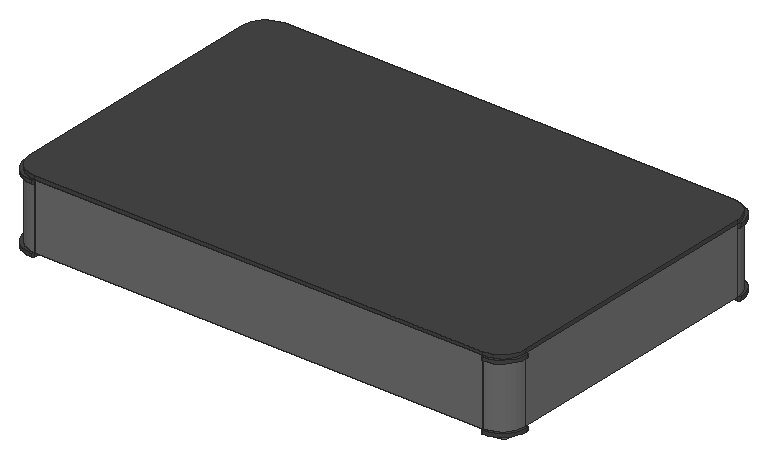
Revit family "QF_ADVENTYS_HOT_PLATE_B-B_250902065147", category Specialty Equipment, Revit 2021
Family settings
  Round Connector Dimension = Use Diameter
  Part Type = Normal
  OmniClass Number = 23.40.40.14
  OmniClass Title = Food Service Equipment
  Work Plane-Based = No
  Always vertical = Yes
  Cut with Voids When Loaded = No
  Shared = No
  Room Calculation Point = No
Parameters (values of type "ADV2112")
  Weight in Pounds [instance] = 0
  Weight = 7.50 kg
  Warranty Start Date [instance] = ""
  Warranty Duration [instance] = ""
  Volts [instance] = 230 V
  URL Recommended Spares List = ""
  URL Manufacturer = ""
  URL Cutsheet = ""
  URL Critical Spares List = ""
  URL = "www.adventys.com"
  Tag Number [instance] = ""
  Status [instance] = ""
  Specification by User [instance] = ""
  Specification by Manufacturer [instance] = ""
  Sound Level [instance] = ""
  Solid Fuel Type [instance] = ""
  Service Life Duration [instance] = ""
  Serial Number [instance] = ""
  Seismic Rating [instance] = ""
  SMACNA No [instance] = ""
  Revision Code [instance] = ""
  Revision [instance] = ""
  Production Year [instance] = ""
  Point Load [instance] = 0
  Phase [instance] = 1
  Other Equipment Approvals [instance] = ""
  Number of Poles [instance] = 2
  NAFEM Spec ID Number [instance] = ""
  Model Warning [instance] = ""
  Model = "HOT PLATE B-B"
  Min Ckt Ampacity [instance] = 0 A
  Max Overcurrent Protection [instance] = 10 A
  Masterspec [instance] = ""
  Manufacturer = "ADVENTYS"
  Length Actual = 620 mm
  Item Number [instance] = ""
  Installed By [instance] = ""
  Installation Date [instance] = ""
  Identify Quantity as Lot [instance] = no
  ID [instance] = ""
  Hygiene Approval [instance] = ""
  Hot Water Consumption = 0.0 L/s
  Height Actual = 96 mm
  HP power [instance] = ""
  Furnished By [instance] = ""
  Foodservice Equipment Identifier [instance] = no
  FL Amps [instance] = 4.5 A
  Electrical Remarks [instance] = "Plug not included"
  Electric power [instance] = 0 W
  Electric Connection Type [instance] = "Cord&Plug"
  Elec Conn RI Height [instance] = 0 mm
  Elec Conn Connection Height [instance] = 0 mm
  ETL Approved [instance] = no
  Description = "ELECTRONICALLY CONTROLLED HOTPLATE"
  Depth Actual = 390 mm
  Default Elevation = 0 mm
  Cycle [instance] = 50 Hz
  Cost = 0
  Conn Plug [instance] = ""
  Conn Conduit [instance] = no
  CSI MasterFormat [instance] = ""
  CE Approved [instance] = no
  Barcode [instance] = 0
  Author [instance] = ""
  Asset Identifier [instance] = ""
  Apparent Power [instance] = 1000 VA
  Accessory = no
Reference planes
  plane 1 "Center (Front/Back)": y = 0
  plane 2: z = 0
  plane 3 "Center (Left/Right)": x = 0
Forms (mm)
  Extrusion 1, solid, not visible
    sketch origin (70.003, -2, 47.502) x (1, 0, 0) y (0, 1, 0)
      loop
        line (-2, 2) -> (-2, -2) -> (2, -2) -> (2, 2) -> (-2, 2)
    from -2 to 2
Dimensions and locks
  locked: Extrusion 1 to nested 2
  locked: nested 2 to Extrusion 1 at 2
  aligned and locked: level to plane 2
Nested families
  nested 1: "QF_ADVENTYS_ADV2112_2916" at (0, 0, 0), type "ADV2112"
    with Status "", Show Logo yes, Show Clearance yes
  nested 2: "CONN_POINT_ELE_2D___Generic_Annotation" at (70.003, 0, 47.502), type "CONN_POINT_ELE_2D___Generic_Annotation"
    with Onboard connection annotation symbol visibility yes
Connectors
  electrical at (70.003, 0, 47.502), driven by "Apparent Power", driven by "Number of Poles", driven by "Volts"
    settings: on Extrusion 1, index 1, voltage 230 V, apparent load 0 VA, apparent load phase1 1000 VA, apparent load phase2 0 VA, apparent load phase3 0 VA, power factor 1, load classification "Other", number of poles 2, system type 31, power factor state 1, is connector primary yes, connector utility no, sub classification motor no, connector description "Electrical connection for HOT PLATE B-B"
Definition of nested family "QF_ADVENTYS_ADV2112_2916"
  Parameters (values of type "ADV2112")
    URL = "www.adventys.com"
    Status [instance] = ""
    Show Logo [instance] = yes
    Show Clearance [instance] = yes
    Model = "HOT PLATE B-B"
    Manufacturer = "ADVENTYS"
    Description = "ELECTRONICALLY CONTROLLED HOTPLATE"
    Default Elevation = 0 mm
    Author = "SPECIFI"
    Assembly Code = "E1090320"
  Reference planes
    plane 1 "Back": y = 0
    plane 2: z = 0
    plane 3 "Left": x = 0
    plane 4 "Right": x = 620
    plane 5 "Front": y = -390
    plane 6 "Top": z = 96
  Forms (mm)
    Extrusion 1, solid
      sketch origin (-437.879, -390, -60.3) x (1, 0, 0) y (0, 1, 0)
        loop
          line (437.879, 360) -> (437.879, 30) -> (467.879, 30) -> (467.879, 0) -> (1027.879, 0) -> (1027.879, 30) -> (1057.879, 30) -> (1057.879, 360) -> (1027.879, 360) -> (1027.879, 390) -> (467.879, 390) -> (467.879, 360) -> (437.879, 360)
      from 70.3 to 152.3
    Extrusion 2, solid
      sketch origin (30, -390, -14.006) x (1, 0, 0) y (0, 1, 0)
        loop
          line (0, 30) -> (-30.98, 30)
          arc (-30.98, 30) -> (-32.402, 29.388) -> (-32.935, 27.935) r 1.958
          arc (-32.935, 27.935) -> (-23.852, 6.102) -> (-2, -2.935) r 30.935
          arc (-2, -2.935) -> (-0.586, -2.35) -> (0, -0.935) r 2
          line (0, -0.935) -> (0, 30)
        loop
          line (560, 30) -> (560, -0.935)
          arc (560, -0.935) -> (560.586, -2.35) -> (562, -2.935) r 2
          arc (562, -2.935) -> (583.852, 6.102) -> (592.935, 27.935) r 30.935
          arc (592.935, 27.935) -> (592.402, 29.388) -> (590.98, 30) r 1.958
          line (590.98, 30) -> (560, 30)
        loop
          line (0, 360) -> (0, 390.935)
          arc (0, 390.935) -> (-0.586, 392.35) -> (-2, 392.935) r 2
          arc (-2, 392.935) -> (-23.852, 383.898) -> (-32.935, 362.065) r 30.935
          arc (-32.935, 362.065) -> (-32.402, 360.612) -> (-30.98, 360) r 1.958
          line (-30.98, 360) -> (0, 360)
        loop
          line (560, 360) -> (590.98, 360)
          arc (590.98, 360) -> (592.402, 360.612) -> (592.935, 362.065) r 1.958
          arc (592.935, 362.065) -> (583.852, 383.898) -> (562, 392.935) r 30.935
          arc (562, 392.935) -> (560.586, 392.35) -> (560, 390.935) r 2
          line (560, 390.935) -> (560, 360)
      from 20.006 to 24.006
    Extrusion 3, solid
      sketch origin (-430.601, -391.294, 0.995) x (1, 0, 0) y (0, 1, 0)
        loop
          circle (1033.349, 18.158) r 8
        loop
          circle (447.454, 18.158) r 8
        loop
          circle (1033.349, 374.212) r 8
        loop
          circle (447.454, 374.212) r 8
      from -0.995 to 5
    Extrusion 4, solid
      sketch origin (30, -390, 71.994) x (1, 0, 0) y (0, 1, 0)
        loop
          line (0, 0) -> (560, 0)
          arc (560, 0) -> (581.213, 8.787) -> (590, 30) r 30
          line (590, 30) -> (590, 360)
          arc (590, 360) -> (581.213, 381.213) -> (560, 390) r 30
          line (560, 390) -> (0, 390)
          arc (0, 390) -> (-21.213, 381.213) -> (-30, 360) r 30
          line (-30, 360) -> (-30, 30)
          arc (-30, 30) -> (-21.213, 8.787) -> (0, 0) r 30
      from 20.006 to 24.006
    Extrusion 5, solid
      sketch origin (30, -390, 67.994) x (1, 0, 0) y (0, 1, 0)
        loop
          arc (560, 390) -> (581.213, 381.213) -> (590, 360) r 30
          line (590, 360) -> (590.98, 360)
          arc (590.98, 360) -> (592.402, 360.612) -> (592.935, 362.065) r 1.958
          arc (592.935, 362.065) -> (583.852, 383.898) -> (562, 392.935) r 30.935
          arc (562, 392.935) -> (560.586, 392.35) -> (560, 390.935) r 2
          line (560, 390.935) -> (560, 390)
        loop
          line (560, 0) -> (560, -0.935)
          arc (560, -0.935) -> (560.586, -2.35) -> (562, -2.935) r 2
          arc (562, -2.935) -> (583.852, 6.102) -> (592.935, 27.935) r 30.935
          arc (592.935, 27.935) -> (592.402, 29.388) -> (590.98, 30) r 1.958
          line (590.98, 30) -> (590, 30)
          arc (590, 30) -> (581.213, 8.787) -> (560, 0) r 30
        loop
          line (0, 390) -> (0, 390.935)
          arc (0, 390.935) -> (-0.586, 392.35) -> (-2, 392.935) r 2
          arc (-2, 392.935) -> (-23.852, 383.898) -> (-32.935, 362.065) r 30.935
          arc (-32.935, 362.065) -> (-32.402, 360.612) -> (-30.98, 360) r 1.958
          line (-30.98, 360) -> (-30, 360)
          arc (-30, 360) -> (-21.213, 381.213) -> (0, 390) r 30
        loop
          arc (0, 0) -> (-21.213, 8.787) -> (-30, 30) r 30
          line (-30, 30) -> (-30.98, 30)
          arc (-30.98, 30) -> (-32.402, 29.388) -> (-32.935, 27.935) r 1.958
          arc (-32.935, 27.935) -> (-23.852, 6.102) -> (-2, -2.935) r 30.935
          arc (-2, -2.935) -> (-0.586, -2.35) -> (0, -0.935) r 2
          line (0, -0.935) -> (0, 0)
      from 20.006 to 24.006
    Extrusion 6, solid
      sketch origin (994.629, 0.2, -60.3) x (1, 0, 0) y (0, 0, 1)
        loop
          line (-603.629, 131.7) -> (-763.629, 131.7)
          arc (-763.629, 131.7) -> (-767.164, 130.236) -> (-768.629, 126.7) r 5
          line (-768.629, 126.7) -> (-768.629, 96.7)
          arc (-768.629, 96.7) -> (-767.164, 93.164) -> (-763.629, 91.7) r 5
          line (-763.629, 91.7) -> (-603.629, 91.7)
          arc (-603.629, 91.7) -> (-600.093, 93.164) -> (-598.629, 96.7) r 5
          line (-598.629, 96.7) -> (-598.629, 126.7)
          arc (-598.629, 126.7) -> (-600.093, 130.236) -> (-603.629, 131.7) r 5
      from -0.2 to 1.8
    Extrusion 7, solid
      sketch origin (-372.629, 0.6, -0.3) x (-1, 0, 0) y (0, 0, -1)
        loop
          line (-663.129, -58.2) -> (-663.129, -45.2) -> (-704.129, -45.2) -> (-704.129, -58.2) -> (-663.129, -58.2)
      from 0 to 2
    Extrusion 8, solid
      sketch origin (-372.629, -55.341, -0.3) x (-1, 0, 0) y (0, 0, -1)
        loop
          line (-647.129, -55.95) -> (-647.129, -47.45)
          arc (-647.129, -47.45) -> (-647.788, -45.859) -> (-649.379, -45.2) r 2.25
          line (-649.379, -45.2) -> (-657.879, -45.2)
          arc (-657.879, -45.2) -> (-659.47, -45.859) -> (-660.129, -47.45) r 2.25
          line (-660.129, -47.45) -> (-660.129, -55.95)
          arc (-660.129, -55.95) -> (-659.47, -57.541) -> (-657.879, -58.2) r 2.25
          line (-657.879, -58.2) -> (-649.379, -58.2)
          arc (-649.379, -58.2) -> (-647.788, -57.541) -> (-647.129, -55.95) r 2.25
        loop
          line (-653.229, -55.7) -> (-653.229, -52.1) -> (-649.629, -52.1) -> (-649.629, -51.3) -> (-653.229, -51.3) -> (-653.229, -47.7) -> (-654.029, -47.7) -> (-654.029, -51.3) -> (-657.629, -51.3) -> (-657.629, -52.1) -> (-654.029, -52.1) -> (-654.029, -55.7) -> (-653.229, -55.7)
        loop
          line (-707.129, -55.95) -> (-707.129, -47.45)
          arc (-707.129, -47.45) -> (-707.788, -45.859) -> (-709.379, -45.2) r 2.25
          line (-709.379, -45.2) -> (-717.879, -45.2)
          arc (-717.879, -45.2) -> (-719.47, -45.859) -> (-720.129, -47.45) r 2.25
          line (-720.129, -47.45) -> (-720.129, -55.95)
          arc (-720.129, -55.95) -> (-719.47, -57.541) -> (-717.879, -58.2) r 2.25
          line (-717.879, -58.2) -> (-709.379, -58.2)
          arc (-709.379, -58.2) -> (-707.788, -57.541) -> (-707.129, -55.95) r 2.25
        loop
          line (-709.629, -52.1) -> (-709.629, -51.3) -> (-717.629, -51.3) -> (-717.629, -52.1) -> (-709.629, -52.1)
        loop
          circle (-733.525, -51.7) r 6.5
        loop
          line (-733.229, -55.7) -> (-733.229, -47.7) -> (-734.029, -47.7) -> (-734.029, -55.7) -> (-733.229, -55.7)
      from -55.941 to -53.941
    Extrusion 9, solid
      sketch origin (0, 0, 0) x (1, 0, 0) y (0, 1, 0)
        loop
          arc (30, 0) -> (8.787, -8.787) -> (0, -30) r 30
          line (0, -30) -> (30, -30) -> (30, 0)
        loop
          line (30, -390) -> (30, -360) -> (0, -360)
          arc (0, -360) -> (8.787, -381.213) -> (30, -390) r 30
        loop
          line (590, 0) -> (590, -30) -> (620, -30)
          arc (620, -30) -> (611.213, -8.787) -> (590, 0) r 30
        loop
          arc (590, -390) -> (611.213, -381.213) -> (620, -360) r 30
          line (620, -360) -> (590, -360) -> (590, -390)
      from 10 to 88
  Lines and regions (mm)
    symbolic lines
      curve 1: line (0, -360, 0) -> (0, -30, 0)
      curve 2: line (30, 0, 0) -> (590, 0, 0)
      curve 3: line (620, -30, 0) -> (620, -360, 0)
      curve 4: line (590, -390, 0) -> (30, -390, 0)
      curve 5: arc (0, -360, 0) -> (8.787, -381.213, 0) -> (30, -390, 0) r 30
      curve 6: arc (590, -390, 0) -> (611.213, -381.213, 0) -> (620, -360, 0) r 30
      curve 7: arc (0, -30, 0) -> (8.787, -8.787, 0) -> (30, 0, 0) r 30
      curve 8: arc (590, 0, 0) -> (611.213, -8.787, 0) -> (620, -30, 0) r 30
      curve 9: line (0, -360, 0) -> (-0.98, -360, 0)
      curve 10: arc (-0.98, -360, 0) -> (-2.365, -360.574, 0) -> (-2.938, -361.958, 0) r 1.958
      curve 11: arc (-2.938, -361.958, 0) -> (6.135, -383.862, 0) -> (28.039, -392.935, 0) r 30.977
      curve 12: arc (28.039, -392.935, 0) -> (29.426, -392.361, 0) -> (30, -390.974, 0) r 1.961
      curve 13: line (30, -390.974, 0) -> (30, -390, 0)
      curve 14: line (620, -360, 0) -> (620.98, -360, 0)
      curve 15: arc (620.98, -360, 0) -> (622.365, -360.574, 0) -> (622.938, -361.958, 0) r 1.958
      curve 16: arc (622.938, -361.958, 0) -> (613.865, -383.862, 0) -> (591.961, -392.935, 0) r 30.977
      curve 17: arc (591.961, -392.935, 0) -> (590.574, -392.361, 0) -> (590, -390.974, 0) r 1.961
      curve 18: line (590, -390.974, 0) -> (590, -390, 0)
      curve 19: line (0, -30, 0) -> (-0.98, -30, 0)
      curve 20: arc (-0.98, -30, 0) -> (-2.365, -29.426, 0) -> (-2.938, -28.042, 0) r 1.958
      curve 21: arc (-2.938, -28.042, 0) -> (6.135, -6.138, 0) -> (28.039, 2.935, 0) r 30.977
      curve 22: arc (28.039, 2.935, 0) -> (29.426, 2.361, 0) -> (30, 0.974, 0) r 1.961
      curve 23: line (30, 0.974, 0) -> (30, 0, 0)
      curve 24: line (620, -30, 0) -> (620.98, -30, 0)
      curve 25: arc (620.98, -30, 0) -> (622.365, -29.426, 0) -> (622.938, -28.042, 0) r 1.958
      curve 26: arc (622.938, -28.042, 0) -> (613.865, -6.138, 0) -> (591.961, 2.935, 0) r 30.977
      curve 27: arc (591.961, 2.935, 0) -> (590.574, 2.361, 0) -> (590, 0.974, 0) r 1.961
      curve 28: line (590, 0.974, 0) -> (590, 0, 0)
  Dimensions and locks
    plane 6 "Top" to level = 96 mm
    plane 3 "Left" to plane 4 "Right" = 620 mm
    plane 5 "Front" to plane 1 "Back" = 390 mm
    aligned and locked: level to plane 2
Definition of nested family "CONN_POINT_ELE_2D___Generic_Annotation"
  Parameters (values of type "CONN_POINT_ELE_2D___Generic_Annotation")
    Onboard connection annotation symbol visibility [instance] = yes
  Reference planes
    plane 1: y = 0
    plane 2: x = 0
  Lines and regions (mm)
    detail lines, visible <- "Onboard connection annotation symbol visibility"
      curve 1: circle (0, 0, 0) r 0.5 normal (0, 0, 1)
      curve 2: line (-1, 0, 0) -> (1, 0, 0)
      curve 3: line (0, 1, 0) -> (0, -1, 0)
      curve 4: line (2.5, 1, 0) -> (1.25, 1, 0)
      curve 5: line (1.25, 1, 0) -> (1.25, -1, 0)
      curve 6: line (1.25, -1, 0) -> (2.5, -1, 0)
      curve 7: line (1.25, 0, 0) -> (2, 0, 0)
